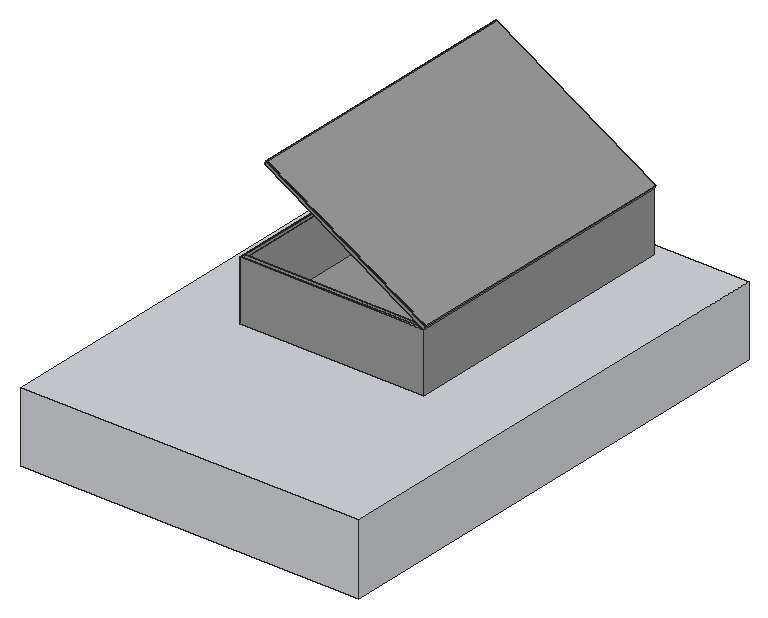
Revit family "Hager-Univers-IP55-D275-H1250-Cl.I-Steel_encl-CH-fr", category Equipement électrique, Revit 2020
Family settings
  Hôte = Face
  Configuration du panneau = Deux colonnes, circuits au sein
  Cote de connecteur circulaire = Utiliser le diamètre
  Type d'élément = Tableau de raccordement
  Couper avec des vides une fois chargée = Non
  Partagée = Non
  Point de calcul de pièce = Non
Parameters (values of type "saillie IP55 L800 H1250 P275  - FR83E")
  Width Control [instance] = if([EF000008 - largeur] > Min Width, [EF000008 - largeur], Min Width)  # 800 mm
  Commentaires du type = [HG000003 - Gamme]  # "Univers"
  Thickness Door [instance] = if([EF009171 - épaisseur de matériau de la porte/du couvercle] > 3 mm, 3 mm, [EF009171 - épaisseur de matériau de la porte/du couvercle])  # 1.5 mm
  Seal Frame Offset [instance] = 17 mm  # constant formula
  Plinth Visibility [instance] = [HG000027 - Hauteur du socle] > 0 mm  # no
  Model = ""
  Min Width [instance] = 100 mm  # constant formula
  Min Height [instance] = 100 mm  # constant formula
  Min Depth [instance] = (2 * [EF009170 - épaisseur de matériau du boîtier]) + 1 mm  # 4 mm
  Internal Frame Depth [instance] = (Door System Depth * 0.5)  # 9 mm
  Height Control [instance] = if([EF000040 - hauteur] > Min Height, [EF000040 - hauteur], Min Height)  # 1250 mm
  HG000027 - Hauteur du socle = 0 mm
  HG000026 - Installation au sol = no
  HG000024 - Hauteur de la section basse = 800 mm
  HG000023 - Armoire double section = no
  HG000016 - Visibilité de la porte 3D [instance] = yes
  HG000015 - Visibilité de l'emprise de la porte [instance] = no
  HG000014 - Porte à droite [instance] = yes
  HG000013 - Porte à gauche [instance] = not([HG000014 - Porte à droite])  # no
  HG000012 - Angle de pivotement de la porte [instance] = 30.00°
  HG000010 - Portes asymétriques = no
  HG000009 - Porte à double battant = no
  HG000006 - Encastré = no
  HG000004 - Référence fabricant = "FR83E"
  HG000003 - Gamme = "Univers"
  HG000002 - avec porte = yes
  Frame Offset Bottom [instance] = 10 mm  # constant formula
  Frame Offset [instance] = 15 mm  # constant formula
  EF015940 - couvercle avec décharge de pression = no
  EF011959 - degré de protection (NEMA) = ""
  EF009554 - nombre d'ouvertures pour plaques à bride = 6
  Fabricant = "Hager"  # constant formula
  EF009212 - finition du couvercle = "EV000116 - fermé"
  EF009171 - épaisseur de matériau de la porte/du couvercle = 1.5 mm
  EF009170 - épaisseur de matériau du boîtier = 1.5 mm
  EF008873 - courant nominal (In) = 800 A
  EF007800 - adapté à un parafoudre = no
  EF006306 - avec serrure = no
  EF006244 - couvercle/porte transparent(e) = no
  EF005474 - indice de protection (IP) = "EV006420 - IP55"
  EF004464 - type de porte = "EV002646 - unique"
  EF004427 - nombre de modules = 288
  EF004293 - indice de protection contre les chocs (IK) = "EV008784 - IK10"
  EF003532 - convient pour utilisation à l’extérieur = no
  EF002950 - largeur en nombre de modules = 24
  EF001613 - maintien de fonction = "EV000494 - sans"
  EF001596 - matériau du boîtier/corps = "EV000179 - acier"
  EF001131 - profondeur intérieure = 275 mm
  EF001088 - possibilité de montage en saillie = yes
  EF000437 - nombre d'entrées de conduit = 6
  EF000339 - type de capot = "EV004216 - porte"
  EF000266 - nombre de rangées = 8
  EF000218 - profondeur d'encastrement = 0 mm
  EF000118 - avec cadre/support de montage = no
  EF000116 - numéro RAL = "7035"
  EF000049 - profondeur = 275 mm
  EF000040 - hauteur = 1250 mm
  EF000008 - largeur = 800 mm
  EF000007 - couleur = "EV000270 - gris"
  EF000003 - mode de pose = "EV000384 - saillie"
  Door System Leaf Tolerance [instance] = 1.5 mm  # constant formula
  Door System Depth [instance] = 18 mm  # constant formula
  Door Height [instance] = Height Control - [HG000027 - Hauteur du socle]  # 1250 mm
  Depth Control [instance] = if([EF000049 - profondeur] > Min Depth, [EF000049 - profondeur], Min Depth)  # 275 mm
  Default Elevation = 0 mm
  Connector Offset [instance] = Height Control / 2  # 625 mm
  Bottom Top Plate Trim [instance] = 1.5 mm  # constant formula
  Plinth height Ctrl [instance] = if([HG000027 - Hauteur du socle] > 0 mm, [HG000027 - Hauteur du socle], 12 mm)  # 12 mm
Types (5, lengths in mm): name | Width Control | HG000010 - Portes asymétriques | HG000009 - Porte à double battant | HG000004 - Référence fabricant | EF009554 - nombre d'ouvertures pour plaques à bride | EF004464 - type de porte | EF004427 - nombre de modules | EF000437 - nombre d'entrées de conduit | EF000008 - largeur
  saillie IP55 L1050 H1250 P275  - FR84E | 1050 | no | yes | "FR84E" | 8 | "EV003602 - double" | 384 | 8 | 1050
  saillie IP55 L1300 H1250 P275  - FR85E | 1300 | yes | yes | "FR85E" | 10 | "EV003602 - double" | 480 | 10 | 1300
  saillie IP55 L300 H1250 P275  - FR81E | 300 | no | no | "FR81E" | 2 | "EV002646 - unique" | 96 | 2 | 300
  saillie IP55 L550 H1250 P275  - FR82E | 550 | no | no | "FR82E" | 4 | "EV002646 - unique" | 192 | 4 | 550
  saillie IP55 L800 H1250 P275  - FR83E | 800 | no | no | "FR83E" | 6 | "EV002646 - unique" | 288 | 6 | 800
Reference planes
  plane 1 "Center (Front/Back)": y = 0
  plane 2: z = 0
  plane 3 "Center (Left/Right)": x = 0
  plane 4: z = 275
  plane 5: y = 1.5
  plane 6: y = 625
  plane 7: y = 0
  plane 8: y = 1250
  plane 9: z = 0
  plane 10: x = -385
  plane 11: x = 385
  plane 12: x = 383.5
  plane 13: x = -383.5
  plane 14: y = 1248.5
  plane 15: x = -383
  plane 16: x = -400
  plane 17: x = 383
  plane 18: x = 400
  plane 19: x = 398.5
  plane 20: x = -398.5
  plane 21: y = 11.5
  plane 22: y = 1250
  plane 23: y = 1233.5
  plane 24: z = 257
  plane 25: z = 1.5
  plane 26: z = 255.5
  plane 27: z = 273.5
Forms (mm)
  Extrusion 1, solid
    sketch origin (0, 0, 0) x (1, 0, 0) y (0, 1, 0)
      loop
        line (-702.964, 1305) -> (-702.964, -811.445) -> (766.763, -811.445) -> (766.763, 1305) -> (-702.964, 1305)
    from 0 to -304.8
  Extrusion 2, solid, material "Hager_Steel_RAL7035_Light_Grey", visible <- "Plinth Visibility", detail levels medium+fine
    sketch origin (0, 0, 0) x (1, 0, 0) y (0, 1, 0)
      loop
        line (-400, 0) -> (400, 0) -> (400, 12) -> (-400, 12) -> (-400, 0)
    from 0 to 257
  Extrusion 3, solid, material "Hager_Steel_RAL7035_Light_Grey", detail levels medium+fine
    sketch origin (0, 0, 0) x (1, 0, 0) y (0, 1, 0)
      loop
        line (-400, 0) -> (400, 0) -> (400, 1250) -> (-400, 1250) -> (-400, 0)
    from 0 to 257
  Extrusion 4, void
    sketch origin (0, 0, 0) x (1, 0, 0) y (0, 1, 0)
      loop
        line (-398.5, 1.5) -> (398.5, 1.5) -> (398.5, 1248.5) -> (-398.5, 1248.5) -> (-398.5, 1.5)
    from 1.5 to 255.5
  Extrusion 5, void
    sketch origin (-381.607, -4572, 257) x (0, -1, 0) y (-1, 0, 0)
      loop
        line (-4583.5, 1.893) -> (-5805.5, 1.893) -> (-5805.5, -765.107) -> (-4583.5, -765.107) -> (-4583.5, 1.893)
    from 0 to 1.5 <- "EF009170 - épaisseur de matériau du boîtier"
  Extrusion 6, solid, material "Hager_Steel_RAL7035_Light_Grey", detail levels fine
    sketch origin (0, 0, 257) x (1, 0, 0) y (0, 1, 0)
      loop
        line (-383.5, 1233.5) -> (-383.5, 11.5) -> (383.5, 11.5) -> (383.5, 1233.5) -> (-383.5, 1233.5)
      loop
        line (-385, 10) -> (385, 10) -> (385, 1235) -> (-385, 1235) -> (-385, 10)
    from 0 to 9 <- "Internal Frame Depth"
  Extrusion 7, solid, material "Hager_Steel_RAL7035_Light_Grey", detail levels coarse
    sketch origin (0, 0, 0) x (1, 0, 0) y (0, 1, 0)
      loop
        line (-400, 0) -> (400, 0) -> (400, 1250) -> (-400, 1250) -> (-400, 0)
    from 0 to 275
  Sweep 8, void
    path in 3D
      loop
        line (-400, 12, 0) -> (400, 12, 0) -> (400, 12, 257) -> (-400, 12, 257) -> (-400, 12, 0)
    profile origin (-400, 12, 128.5) x (-1, 0, 0) y (0, -1, 0)
      loop
        line (0, 0) -> (0, 1.5) -> (-1.5, 1.5)
        arc (-1.5, 1.5) -> (-1.061, 0.439) -> (0, 0) r 1.5
Cuts and joins
  Extrusion 4, Extrusion 5 cuts Extrusion 3
  Sweep 8 cuts Extrusion 2
Lines and regions (mm)
  Masking region 1
    outline origin (0, 0, 0) x (1, 0, 0) y (0, 0, 1)
      loop
        line (-400, 275) -> (-400, 0) -> (400, 0) -> (400, 275) -> (-400, 275)
  Masking region 2, detail levels medium+fine
    outline origin (0, 140, 0) x (0, 1, 0) y (0, 0, 1)
      loop
        line (-140, 0) -> (1110, 0) -> (1110, 257) -> (-140, 257) -> (-140, 0)
  Masking region 3, not visible, detail levels medium+fine
    outline origin (0, 297.922, 0) x (0, 1, 0) y (0, 0, 1)
      loop
        line (338.578, 0) -> (378.578, 0) -> (378.578, 263.5)
        arc (378.578, 263.5) -> (375.649, 270.571) -> (368.578, 273.5) r 10
        line (368.578, 273.5) -> (338.578, 273.5) -> (338.578, 0)
  Masking region 4, detail levels coarse
    outline origin (0, 0, 180) x (0, 1, 0) y (0, 0, 1)
      loop
        line (0, -180) -> (1250, -180) -> (1250, 95) -> (0, 95) -> (0, -180)
  Masking region 5, visible <- "Plinth Visibility", detail levels medium+fine
    outline origin (0, 52.24, 12.345) x (0, 0, -1) y (0, 1, 0)
      loop
        line (10.845, -40.24) -> (-243.155, -40.24)
        arc (-243.155, -40.24) -> (-243.594, -41.301) -> (-244.655, -41.74) r 1.5
        line (-244.655, -41.74) -> (-244.655, -52.24) -> (12.345, -52.24) -> (12.345, -41.74)
        arc (12.345, -41.74) -> (11.285, -41.301) -> (10.845, -40.24) r 1.5
  Masking region 6, detail levels medium+fine
    outline origin (-381.607, -4572, 257) x (-1, 0, 0) y (0, -1, 0)
      loop
        line (18.393, -5822) -> (18.393, -4572) -> (-781.607, -4572) -> (-781.607, -5822) -> (18.393, -5822)
  Masking region 7, visible <- "Plinth Visibility", detail levels medium+fine
    outline origin (-381.607, -4727, 257) x (-1, 0, 0) y (0, -1, 0)
      loop
        arc (16.893, -4739) -> (17.332, -4737.939) -> (18.393, -4737.5) r 1.5
        line (18.393, -4737.5) -> (18.393, -4727) -> (-781.607, -4727) -> (-781.607, -4737.5)
        arc (-781.607, -4737.5) -> (-780.546, -4737.939) -> (-780.107, -4739) r 1.5
        line (-780.107, -4739) -> (16.893, -4739)
  Masking region 8, detail levels coarse
    outline origin (-442.548, -4669.526, 257) x (-1, 0, 0) y (0, -1, 0)
      loop
        line (-42.548, -5919.526) -> (-42.548, -4669.526) -> (-842.548, -4669.526) -> (-842.548, -5919.526) -> (-42.548, -5919.526)
  sketch lines
    curve 1: line (-400, 12, 257) -> (-400, 12, 0)
    curve 2: line (400, 12, 257) -> (-400, 12, 257)
    curve 3: line (400, 12, 257) -> (400, 12, 0)
    curve 4: line (-400, 12, 0) -> (400, 12, 0)
Dimensions and locks
  "Depth Control": plane 4 to Extrusion 1
  "HG000027 - Hauteur du socle": plane 1 "Center (Front/Back)" to plane 7
  "EF009170 - épaisseur de matériau du boîtier": plane 5 to plane 7
  locked: connector elem to plane 3 "Center (Left/Right)"
  equal spacing: plane 8, plane 6, plane 7
  locked: connector elem to plane 6
  "EF009170 - épaisseur de matériau du boîtier": plane 8 to plane 14
  "EF009170 - épaisseur de matériau du boîtier": plane 10 to plane 13
  "EF009170 - épaisseur de matériau du boîtier": plane 12 to plane 11
  "Frame Offset": plane 20 to plane 13
  "Frame Offset": plane 12 to plane 19
  "EF009170 - épaisseur de matériau du boîtier": plane 16 to plane 20
  "EF009170 - épaisseur de matériau du boîtier": plane 19 to plane 18
  "Seal Frame Offset": plane 16 to plane 15
  "Seal Frame Offset": plane 17 to plane 18
  "Frame Offset Bottom": plane 21 to plane 5
  "Frame Offset": plane 14 to plane 23
  equal spacing: plane 16, plane 3 "Center (Left/Right)", plane 18
  "Width Control": plane 16 to plane 18
  "EF009170 - épaisseur de matériau du boîtier": plane 4 to plane 27
  "EF009170 - épaisseur de matériau du boîtier": plane 24 to plane 26
  "EF009170 - épaisseur de matériau du boîtier": plane 25 to level
  "Door System Depth": plane 4 to plane 24
  "Height Control": plane 1 "Center (Front/Back)" to Extrusion 7 sketch curve
  "Height Control": Masking region 4 sketch curve to plane 1 "Center (Front/Back)"
  "Height Control": plane 1 "Center (Front/Back)" to plane 22
  "Bottom Top Plate Trim": profile plane to Sweep 8 sketch curve
  "Bottom Top Plate Trim": Sweep 8 sketch curve to profile plane
  "Plinth height Ctrl": plane 1 "Center (Front/Back)" to Extrusion 2 sketch curve
  "Plinth height Ctrl": Masking region 5 sketch curve to plane 1 "Center (Front/Back)"
  "Plinth height Ctrl": plane 1 "Center (Front/Back)" to Masking region 7 sketch curve
  "Thickness Door": Extrusion 6 sketch curve to Extrusion 6 sketch curve  (x3)
  "Thickness Door": cut or joined group of Extrusion 3, Extrusion 4, Extrusion 5 to Extrusion 6 sketch curve
  radius of Masking region 3 sketch curve = 10 mm
  "Bottom Top Plate Trim": radius of Masking region 5 sketch curve  (x2)
  "Bottom Top Plate Trim": radius of Sweep 8 sketch curve
  "Bottom Top Plate Trim": radius of Masking region 7 sketch curve  (x2)
  aligned and locked: plane 2 to Extrusion 1
  aligned and locked: level to Extrusion 1
  aligned and locked: level to Masking region 1 sketch curve
  aligned and locked: Masking region 1 sketch curve to plane 18
  aligned and locked: Masking region 1 sketch curve to plane 16
  aligned and locked: plane 7 to Masking region 2 sketch curve
  aligned and locked: level to Masking region 3 sketch curve
  aligned and locked: Masking region 3 sketch curve to plane 27
  aligned and locked: level to Masking region 2 sketch curve
  aligned and locked: plane 1 "Center (Front/Back)" to Extrusion 2 sketch curve
  aligned and locked: Extrusion 3 sketch curve to plane 7
  aligned and locked: plane 16 to Extrusion 3 sketch curve
  aligned and locked: plane 18 to Extrusion 3 sketch curve
  aligned and locked: plane 20 to Extrusion 4 sketch curve
  aligned and locked: plane 19 to Extrusion 4 sketch curve
  aligned and locked: Extrusion 4 sketch curve to plane 5
  aligned and locked: Extrusion 4 to plane 25
  aligned and locked: plane 26 to Extrusion 4
  aligned and locked: plane 24 to Extrusion 3
  aligned and locked: Extrusion 5 sketch curve to plane 21
  aligned and locked: Extrusion 5 sketch curve to plane 13
  aligned and locked: Extrusion 5 sketch curve to plane 12
  aligned and locked: plane 18 to Extrusion 7 sketch curve
  aligned and locked: plane 1 "Center (Front/Back)" to Extrusion 7 sketch curve
  aligned and locked: plane 16 to Extrusion 7 sketch curve
  aligned and locked: plane 4 to Extrusion 7
  aligned and locked: Extrusion 7 to level
  aligned and locked: level to Masking region 4 sketch curve
  aligned and locked: Masking region 4 sketch curve to plane 1 "Center (Front/Back)"
  aligned and locked: Masking region 4 sketch curve to plane 4
  aligned and locked: nested 1 to level
  aligned and locked: nested 1 to plane 16
  aligned and locked: plane 8 to Extrusion 3 sketch curve
  aligned and locked: plane 23 to Extrusion 5 sketch curve
  aligned and locked: plane 14 to Extrusion 4 sketch curve
  aligned and locked: Masking region 2 sketch curve to plane 8
  aligned and locked: level to Masking region 5 sketch curve
  aligned and locked: plane 16 to Extrusion 2 sketch curve
  aligned and locked: plane 18 to Extrusion 2 sketch curve
  aligned and locked: Masking region 5 sketch curve to plane 24
  aligned and locked: Masking region 2 sketch curve to plane 24
  aligned and locked: plane 24 to Extrusion 2
  aligned and locked: profile plane to Sweep 8 sketch curve  (x2)
  aligned and locked: Masking region 6 sketch curve to plane 18
  aligned and locked: Masking region 6 sketch curve to plane 22
  aligned and locked: Masking region 6 sketch curve to plane 16
  aligned and locked: plane 8 to plane 22
  aligned and locked: Masking region 6 sketch curve to plane 7
  aligned and locked: Masking region 7 sketch curve to plane 16
  aligned and locked: Masking region 7 sketch curve to plane 1 "Center (Front/Back)"
  aligned and locked: Masking region 7 sketch curve to plane 18
  aligned and locked: Masking region 8 sketch curve to plane 1 "Center (Front/Back)"
  aligned and locked: Masking region 8 sketch curve to plane 18
  aligned and locked: Masking region 8 sketch curve to plane 22
  aligned and locked: Masking region 8 sketch curve to plane 16
  aligned and locked: nested 2 to plane 7
  aligned and locked: plane 3 "Center (Left/Right)" to nested 2
  aligned and locked: nested 2 to plane 24
  aligned and locked: Extrusion 6 sketch curve to cut or joined group of Extrusion 3, Extrusion 4, Extrusion 5  (x4)
Automatic sketch dimensions
  Extrusion 1 sketch curve to Extrusion 1 sketch curve = 1469.727 mm
  Extrusion 1 sketch curve to Extrusion 1 sketch curve = 2116.445 mm
  Masking region 1 sketch curve to plane 4 = 0 mm
  plane 6 to Masking region 3 sketch curve = 11.5 mm
  Masking region 3 sketch curve to Masking region 3 sketch curve = 30 mm
  Masking region 5 sketch curve to plane 1 "Center (Front/Back)" = 0 mm
Nested families
  nested 1: "Hager_Enclosure_Symbol" at (-400, 0, 0) x (1, 0, 0) z (0, -1, 0), Height <- "Depth Control", Width <- "Width Control", type "Hager_Enclosure_Symbol"
    with Width_Ctrl 800 mm, Width 800 mm, Height_Ctrl 275 mm, Height 275 mm, A_Width_Int 18.047 mm, A_Width 216.562 mm, A_Height_Ctrl 240.625 mm, A_Height 240.625 mm
  nested 2: "EC000058_Univers_Door" at (0, 0, 257) x (1, 0, 0) z (0, 1, 0), Leaf_Tolerance <- "Door System Leaf Tolerance", Angle <- "HG000012 - Angle de pivotement de la porte", Door_Depth <- "Door System Depth", Door_Left <- "HG000013 - Porte à gauche", Transparent <- "EF006244 - couvercle/porte transparent(e)", Assymetrical <- "HG000010 - Portes asymétriques", Width <- "Width Control", Clearance <- "HG000015 - Visibilité de l'emprise de la porte", Double <- "HG000009 - Porte à double battant", 3d_Door <- "HG000016 - Visibilité de la porte 3D", Lock_Visibility <- "EF006306 - avec serrure", Width_Ctrl <- "Width Control", Door_Right <- "HG000014 - Porte à droite", Door <- "HG000002 - avec porte", Height <- "Door Height", Thickness <- "Thickness Door", type "EC000058_Univers_Door", detail levels medium+fine
    with min_wh 4 mm, Width_Ctrl 800 mm, Width 800 mm, Transparent no, Thickness 1.5 mm, Seal_Material Hager_Rubber, Lock_Visibility no, Lock_Material Hager_Plastic_RAL9005_Jet_Black, Leaf_Width 800 mm, Leaf_Tolerance_External_Sides 0 mm, Leaf_Tolerance 1.5 mm, Leaf_Offset 0 mm, Leaf_Height 1247 mm, Leaf_2_Width 800 mm, Leaf_2_Offset 400 mm, Leaf_1_Width 800 mm, Leaf_1_Offset 400 mm, Height_Ctrl 1250 mm, Height 1250 mm, Glass_Material Hager_Glass, Double_Clearance_Ctrl no, Double no, Door_Right_Ctrl yes, Door_Right yes, Door_Material Hager_Steel_RAL7035_Light_Grey, Door_Left_Ctrl no, Door_Left no, Door_Depth 18 mm, Door yes, Clearance_Material Hager_Clearance, Clearance_Depth 800 mm, Clearance_Ctrl no, Clearance no, Assymetrical no, Angle 30.00°, 3d_Door yes
Connectors
  electrical at (0, 625, 0)
    settings: on plane 9, index 1, voltage 0 V, apparent load 0 VA, apparent load phase1 0 VA, apparent load phase2 0 VA, apparent load phase3 0 VA, power factor 1, load classification "Other", number of poles 1, system type 30, power factor state 1, is connector primary yes, connector utility no, sub classification motor no, connector description ""
Definition of nested family "EC000058_Univers_Door"
  Parameters (values of type "EC000058_Univers_Door")
    min_wh [instance] = (2 * Thickness) + 1 mm  # 11 mm
    Width_Ctrl [instance] = 400 mm
    Width [instance] = 500 mm
    Transparent [instance] = yes
    Thickness [instance] = 5 mm
    Seal_Material [instance] = none
    Lock_Visibility [instance] = yes
    Lock_Material [instance] = none
    Leaf_Width [instance] = if((Width_Ctrl - 2 * Leaf_Tolerance_External_Sides) > 0 mm, (Width_Ctrl - 2 * Leaf_Tolerance_External_Sides), min_wh)  # 400 mm
    Leaf_Tolerance_External_Sides [instance] = 0 mm  # constant formula
    Leaf_Tolerance [instance] = 1.5 mm
    Leaf_Offset [instance] = 0 mm  # constant formula
    Leaf_Height [instance] = if((Height_Ctrl - 2 * Leaf_Tolerance) > 0 mm, (Height_Ctrl - 2 * Leaf_Tolerance), min_wh)  # 497 mm
    Leaf_2_Width [instance] = if(and(and(Double, Assymetrical), Door_Left), (Leaf_Width / 3) - (Leaf_Tolerance / 2), if(and(and(Double, Assymetrical), Door_Right), (Leaf_Width / 3) * 2 - (Leaf_Tolerance / 2), if(and(Double, not(Assymetrical)), (Leaf_Width / 2) - Leaf_Tolerance, Leaf_Width)))  # 400 mm
    Leaf_2_Offset [instance] = if(and(Double, Assymetrical), Leaf_2_Width / 2, if(and(Double, not(Assymetrical)), Leaf_Width / 4, Leaf_Width / 2))  # 200 mm
    Leaf_1_Width [instance] = if(and(and(Double, Assymetrical), Door_Right), (Leaf_Width / 3) - (Leaf_Tolerance / 2), if(and(and(Double, Assymetrical), Door_Left), (Width / 3) * 2 - (Leaf_Tolerance / 2), if(and(Double, not(Assymetrical)), (Leaf_Width / 2) - Leaf_Tolerance, Leaf_Width)))  # 400 mm
    Leaf_1_Offset [instance] = if(and(Double, Assymetrical), Leaf_1_Width / 2, if(and(Double, not(Assymetrical)), Leaf_Width / 4, Leaf_Width / 2))  # 200 mm
    Height_Ctrl [instance] = if(Height > min_wh, Height, min_wh)  # 500 mm
    Height [instance] = 500 mm
    Glass_Material [instance] = none
    Double_Clearance_Ctrl [instance] = and(Double, Clearance)  # no
    Double [instance] = no
    Door_Right_Ctrl [instance] = and(or(Door_Right, Double), Door)  # yes
    Door_Right [instance] = yes
    Door_Material [instance] = none
    Door_Left_Ctrl [instance] = and(or(Door_Left, Double), Door)  # no
    Door_Left [instance] = no
    Door_Depth [instance] = 30 mm
    Door [instance] = yes
    Default Elevation = 1219.2 mm
    Clearance_Material [instance] = none
    Clearance_Depth [instance] = if(Leaf_1_Width > Leaf_2_Width, Leaf_1_Width, Leaf_2_Width)  # 400 mm
    Clearance_Ctrl [instance] = and(not(Double), Clearance)  # yes
    Clearance [instance] = yes
    Assymetrical [instance] = yes
    Angle [instance] = 30.00°
    3d_Door [instance] = yes
  Reference planes
    plane 1 "Center (Front/Back)": y = 0
    plane 2 "Bottom": z = 0
    plane 3 "Center (Left/Right)": x = 0
    plane 4: z = 500
    plane 5: x = -200
    plane 6: x = 200
    plane 7: z = 500
    plane 8: x = -200
    plane 9: z = 0
    plane 10: x = 200
    plane 11: y = 0
    plane 12: z = 1.5
    plane 13: x = -600
    plane 14: y = -400
    plane 15: x = 600
    plane 16: x = 0
    plane 17: x = 0
    plane 18: x = -200
    plane 19: x = 200
    plane 20: z = 498.5
  Forms (mm)
    Extrusion 1, solid, material <- "Clearance_Material", visible <- "Double_Clearance_Ctrl"
      sketch origin (1200, 0, 0) x (1, 0, 0) y (0, 0, -1)
        loop
          line (-1800, -498.5) -> (-600, -498.5) -> (-600, 0) -> (-1800, 0) -> (-1800, -498.5)
      from 0 to -400
  Dimensions and locks
    equal spacing: plane 5, plane 3 "Center (Left/Right)", plane 6
    "Width_Ctrl": plane 5 to plane 6
    "Leaf_Offset": plane 5 to plane 8
    "Leaf_Offset": plane 6 to plane 10
    "Leaf_Offset": plane 9 to level
    "Leaf_Offset": plane 4 to plane 7
    "Height_Ctrl": plane 4 to level
    "Leaf_Tolerance": plane 12 to plane 9
    locked: plane 11 to plane 1 "Center (Front/Back)"
    "Leaf_1_Offset": plane 18 to plane 16
    "Leaf_2_Offset": plane 17 to plane 19
    "Leaf_1_Width": plane 13 to plane 8
    "Leaf_2_Width": plane 10 to plane 15
    "Clearance_Depth": plane 14 to plane 1 "Center (Front/Back)"
    "Leaf_Tolerance_External_Sides": plane 8 to plane 18
    "Leaf_Tolerance_External_Sides": plane 19 to plane 10
    "Leaf_Tolerance": plane 7 to plane 20
    aligned and locked: level to plane 2 "Bottom"
    aligned and locked: nested 1 to plane 16
    aligned and locked: nested 2 to plane 17
    aligned and locked: Extrusion 1 to plane 13
    aligned and locked: plane 15 to Extrusion 1
    aligned and locked: Extrusion 1 to plane 14
    aligned and locked: plane 12 to nested 1
    aligned and locked: nested 2 to plane 12
    aligned and locked: Extrusion 1 to plane 11
    aligned and locked: plane 20 to Extrusion 1
    aligned and locked: nested 2 to plane 11
    aligned and locked: nested 1 to plane 11
  Automatic sketch dimensions
    Extrusion 1 sketch curve to level = 0 mm
    plane 5 to Extrusion 1 sketch curve = 400 mm
    plane 6 to Extrusion 1 sketch curve = 400 mm
    Extrusion 1 sketch curve to plane 4 = 1.5 mm
  Nested families
    nested 1: "EC000058_Univers_Door_Leaf" at (0, 0, 1.5), Width <- "Leaf_1_Width", visible <- "Door_Left_Ctrl", Leaf_Height <- "Leaf_Height", Angle <- "Angle", 3d_Door <- "3d_Door", Transparent <- "Transparent", Clearance Material <- "Clearance_Material", Clearance <- "Clearance_Ctrl", Door_Material <- "Door_Material", Glass_Material <- "Glass_Material", Door_Depth <- "Door_Depth", Lock_Material <- "Lock_Material", Seal_Material <- "Seal_Material", Lock_Visibility <- "Lock_Visibility", Thickness <- "Thickness", type "EC000058_Univers_Door_Leaf"
      with Width 400 mm, Transparent_Glass_Offset 30 mm, Transparent_Ctrl yes, Transparent yes, Thickness 5 mm, Standard no, Seal_Material none, Seal_D2 8 mm, Seal_D1 1 mm, Offset_Internal_Frame 10 mm, Lock_Width 20 mm, Lock_Visibility_3d yes, Lock_Visibility yes, Lock_Thickness_3 3 mm, Lock_Thickness_2 1 mm, Lock_Thickness_1 3 mm, Lock_Radius_Offset_2 16 mm, Lock_Radius_Offset_1 15 mm, Lock_Radius_2 5 mm, Lock_Radius 6 mm, Lock_Offset 5 mm, Lock_Material none, Lock_Height 80 mm, Lock_Cover_Top_Offset_2d 17 mm, Lock_Cover_Height -65 mm, Leaf_Height 497 mm, Internal_Seal_Thickness 8 mm, Internal_Seal_Depth_2 4.5 mm, Internal_Frame_Depth 25 mm, Glass_Thickness -1 mm, Glass_Offset -2 mm, Glass_Material none, Door_Material none, Door_Depth 30 mm, Clearance Material none, Clearance yes, Angle_Ctrl 30.00°, Angle 30.00°, 3d_Door yes
    nested 2: "EC000058_Univers_Door_Leaf" at (0, 0, 1.5) x (-1, 0, 0) z (0, 0, 1), Width <- "Leaf_2_Width", visible <- "Door_Right_Ctrl", Leaf_Height <- "Leaf_Height", Angle <- "Angle", 3d_Door <- "3d_Door", Transparent <- "Transparent", Clearance Material <- "Clearance_Material", Clearance <- "Clearance_Ctrl", Door_Material <- "Door_Material", Glass_Material <- "Glass_Material", Door_Depth <- "Door_Depth", Lock_Material <- "Lock_Material", Seal_Material <- "Seal_Material", Lock_Visibility <- "Lock_Visibility", Thickness <- "Thickness", type "EC000058_Univers_Door_Leaf"
      with Width 400 mm, Transparent_Glass_Offset 30 mm, Transparent_Ctrl yes, Transparent yes, Thickness 5 mm, Standard no, Seal_Material none, Seal_D2 8 mm, Seal_D1 1 mm, Offset_Internal_Frame 10 mm, Lock_Width 20 mm, Lock_Visibility_3d yes, Lock_Visibility yes, Lock_Thickness_3 3 mm, Lock_Thickness_2 1 mm, Lock_Thickness_1 3 mm, Lock_Radius_Offset_2 16 mm, Lock_Radius_Offset_1 15 mm, Lock_Radius_2 5 mm, Lock_Radius 6 mm, Lock_Offset 5 mm, Lock_Material none, Lock_Height 80 mm, Lock_Cover_Top_Offset_2d 17 mm, Lock_Cover_Height -65 mm, Leaf_Height 497 mm, Internal_Seal_Thickness 8 mm, Internal_Seal_Depth_2 4.5 mm, Internal_Frame_Depth 25 mm, Glass_Thickness -1 mm, Glass_Offset -2 mm, Glass_Material none, Door_Material none, Door_Depth 30 mm, Clearance Material none, Clearance yes, Angle_Ctrl 30.00°, Angle 30.00°, 3d_Door yes
  Definition of nested family "EC000058_Univers_Door_Leaf"
    Parameters (values of type "EC000058_Univers_Door_Leaf")
      Width [instance] = 2000 mm
      Transparent_Glass_Offset [instance] = 30 mm
      Transparent_Ctrl [instance] = and(Transparent, [3d_Door])  # yes
      Transparent [instance] = yes
      Thickness [instance] = 5 mm
      Standard [instance] = and(not(Transparent), [3d_Door])  # no
      Seal_Material [instance] = none
      Seal_D2 [instance] = 8 mm  # constant formula
      Seal_D1 [instance] = 1 mm  # constant formula
      Offset_Internal_Frame [instance] = 10 mm  # constant formula
      Lock_Width [instance] = 20 mm  # constant formula
      Lock_Visibility_3d [instance] = and(Lock_Visibility, [3d_Door])  # yes
      Lock_Visibility [instance] = yes
      Lock_Thickness_3 [instance] = 3 mm  # constant formula
      Lock_Thickness_2 [instance] = 1 mm  # constant formula
      Lock_Thickness_1 [instance] = 3 mm  # constant formula
      Lock_Radius_Offset_2 [instance] = Lock_Radius_Offset_1 + 1 mm  # 16 mm
      Lock_Radius_Offset_1 [instance] = 15 mm  # constant formula
      Lock_Radius_2 [instance] = Lock_Radius - 1 mm  # 5 mm
      Lock_Radius [instance] = 6 mm  # constant formula
      Lock_Offset [instance] = 5 mm  # constant formula
      Lock_Material [instance] = none
      Lock_Height [instance] = 80 mm  # constant formula
      Lock_Cover_Top_Offset_2d [instance] = Lock_Radius_Offset_2 + 1 mm  # 17 mm
      Lock_Cover_Height [instance] = -(Lock_Height - Lock_Radius_Offset_1)  # -65 mm
      Leaf_Height [instance] = 2720.336 mm
      Internal_Seal_Thickness [instance] = 8 mm  # constant formula
      Internal_Seal_Depth_2 [instance] = 4.5 mm  # constant formula
      Internal_Frame_Depth [instance] = if(Door_Depth - Thickness > 5 mm, Door_Depth - Thickness, 5 mm)  # 25 mm
      Glass_Thickness [instance] = if(Thickness > 15 mm, Glass_Offset + 10 mm, -1 mm)  # -1 mm
      Glass_Offset [instance] = if(Thickness > 15 mm, -(Thickness + 10 mm) / 2, -2 mm)  # -2 mm
      Glass_Material [instance] = none
      Door_Material [instance] = none
      Door_Depth [instance] = 30 mm
      Default Elevation = 0 mm
      Clearance Material [instance] = none
      Clearance [instance] = yes
      Angle_Ctrl [instance] = if(Angle > 180.00°, 180.00°, Angle)  # 90.00°
      Angle [instance] = 90.00°
      3d_Door [instance] = yes
    Reference planes
      plane 1 "Center (Front/Back)": y = 0
      plane 2: z = 0
      plane 3 "Center (Left/Right)": x = 0
      plane 4: y = 2000
      plane 5: x = -1000
      plane 6: x = 1000
      plane 7: x = -3000
      plane 8: z = 2720.336
      plane 9: z = 30
      plane 10: z = 2690.336
      plane 11: x = 970
      plane 12: x = -970
      plane 13: y = -3
      plane 14: z = 107.833
      plane 15: y = -5
      plane 16: y = -223.314
      plane 17: x = -1000
      plane 18: z = 1360.168
      plane 19: y = 30
    Forms (mm)
      Extrusion 1, solid, material <- "Clearance Material", visible <- "Clearance"
        sketch origin (0, 0, 0) x (1, 0, 0) y (0, 0, 1)
          loop
            line (-3000, 2720.336) -> (-3000, 0) -> (1000, 0) -> (1000, 2720.336) -> (-3000, 2720.336)
        from 0 to -2000
      Extrusion 2, solid, material <- "Door_Material", visible <- "Standard", detail levels medium+fine
        sketch origin (-1000, 0, 0) x (0, 1, 0) y (-1, 0, 0)
          loop
            line (0, 30) -> (0, 25) -> (2000, 25) -> (2000, 30) -> (0, 30)
        from 0 to 2720.336 <- "Leaf_Height"
      Extrusion 3, solid, material <- "Door_Material", visible <- "Transparent_Ctrl", detail levels medium+fine
        sketch origin (-1000, 0, 0) x (0, 1, 0) y (-1, 0, 0)
          loop
            line (0, 25) -> (2000, 25) -> (2000, 30) -> (0, 30) -> (0, 25)
        from 0 to 2720.336 <- "Leaf_Height"
      Extrusion 4, void
        sketch origin (-1025, 2000, 0) x (0, 1, 0) y (0, 0, -1)
          loop
            line (-30, -2690.336) -> (-30, -30) -> (-1970, -30) -> (-1970, -2690.336) -> (-30, -2690.336)
        from 0 to 5 <- "Thickness"
      Sweep 5, solid, material <- "Seal_Material", visible <- "Transparent_Ctrl", detail levels fine
        path in 3D
          loop
            line (-1025, 30, 30) -> (-1025, 30, 2690.336) -> (-1025, 1970, 2690.336) -> (-1025, 1970, 30) -> (-1025, 30, 30)
        profile origin (-1025, 1000, 30) x (1, 0, 0) y (0, 0, 1)
          loop
            line (0, 0) -> (0, -8) -> (1, -8) -> (1, 0) -> (0, 0)
      Extrusion 6, solid, material <- "Glass_Material", visible <- "Transparent_Ctrl", detail levels medium+fine
        sketch origin (-1030, 0, 0) x (0, 1, 0) y (0, 0, -1)
          loop
            line (1970, -2690.336) -> (1970, -30) -> (30, -30) -> (30, -2690.336) -> (1970, -2690.336)
        from -2 <- "Glass_Offset" to -1 <- "Glass_Thickness"
      Extrusion 7, solid, material <- "Door_Material", visible <- "3d_Door", detail levels medium+fine
        sketch origin (-1025, 2000, 0) x (0, -1, 0) y (0, 0, -1)
          loop
            line (0, -2720.336) -> (2000, -2720.336) -> (2000, 0) -> (0, 0) -> (0, -2720.336)
          loop
            line (1995, -5) -> (5, -5) -> (5, -2715.336) -> (1995, -2715.336) -> (1995, -5)
        from 0 to 25 <- "Internal_Frame_Depth"
      Sweep 8, solid, material <- "Seal_Material", visible <- "Transparent_Ctrl", detail levels fine
        path in 3D
          loop
            line (-1025, 0, 0) -> (-1025, 2000, 0) -> (-1025, 2000, 2720.336) -> (-1025, 0, 2720.336) -> (-1025, 0, 0)
        profile origin (-1025, 0, 1360.168) x (1, 0, 0) y (0, 1, 0)
          loop
            line (0, 10) -> (2.975, 10)
            arc (2.975, 10) -> (4.053, 10.447) -> (4.5, 11.525) r 1.525
            line (4.5, 11.525) -> (4.5, 16.527)
            arc (4.5, 16.527) -> (4.069, 17.569) -> (3.027, 18) r 1.473
            line (3.027, 18) -> (0, 18) -> (0, 10)
      Extrusion 9, solid, material <- "Lock_Material", visible <- "Lock_Visibility_3d", detail levels fine
        sketch origin (-1030, 0, 0) x (0, 1, 0) y (0, 0, -1)
          loop
            arc (1993.5, -1400.168) -> (1994.561, -1399.729) -> (1995, -1398.668) r 1.5
            line (1995, -1398.668) -> (1995, -1320.168) -> (1975, -1320.168) -> (1975, -1398.668)
            arc (1975, -1398.668) -> (1975.439, -1399.729) -> (1976.5, -1400.168) r 1.5
            line (1976.5, -1400.168) -> (1993.5, -1400.168)
        from 3 <- "Lock_Thickness_1" to 0
      Blend 10, solid, material <- "Lock_Material", visible <- "Lock_Visibility_3d", detail levels fine
        base sketch origin (-1033, 0, 0) x (0, 1, 0) y (0, 0, -1)
          loop
            line (1975, -1320.168) -> (1975, -1398.668)
            arc (1975, -1398.668) -> (1975.439, -1399.729) -> (1976.5, -1400.168) r 1.5
            line (1976.5, -1400.168) -> (1993.5, -1400.168)
            arc (1993.5, -1400.168) -> (1994.561, -1399.729) -> (1995, -1398.668) r 1.5
            line (1995, -1398.668) -> (1995, -1320.168) -> (1975, -1320.168)
        top sketch origin (-1033, 0, 0) x (0, 1, 0) y (0, 0, -1)
          loop
            line (1976, -1320.168) -> (1976, -1398.668)
            arc (1976, -1398.668) -> (1976.146, -1399.022) -> (1976.5, -1399.168) r 0.5
            line (1976.5, -1399.168) -> (1993.5, -1399.168)
            arc (1993.5, -1399.168) -> (1993.854, -1399.022) -> (1994, -1398.668) r 0.5
            line (1994, -1398.668) -> (1994, -1320.168) -> (1976, -1320.168)
        from 0 to 1 <- "Lock_Thickness_2"
      Blend 11, solid, material <- "Lock_Material", visible <- "Lock_Visibility_3d", detail levels fine
        base sketch origin (-1034, 0, 0) x (0, 1, 0) y (0, 0, -1)
          loop
            line (1978, -1320.168) -> (1978, -1384.168)
            arc (1978, -1384.168) -> (1985, -1391.168) -> (1992, -1384.168) r 7
            line (1992, -1384.168) -> (1992, -1320.168) -> (1978, -1320.168)
        top sketch origin (-1034, 0, 0) x (0, 1, 0) y (0, 0, -1)
          loop
            line (1991, -1320.168) -> (1979, -1320.168) -> (1979, -1383.168)
            arc (1979, -1383.168) -> (1985, -1389.168) -> (1991, -1383.168) r 6
            line (1991, -1383.168) -> (1991, -1320.168)
        from 0 to 3 <- "Lock_Thickness_3"
      Extrusion 12, solid, material <- "Lock_Material", visible <- "Lock_Visibility_3d", detail levels fine
        sketch origin (-1030, 1975, 1320.168) x (1, 0, 0) y (0, -1, 0)
          loop
            line (-7, -19) -> (-7, -1) -> (0, -1) -> (0, 0) -> (-8, 0) -> (-8, -20) -> (0, -20) -> (0, -19) -> (-7, -19)
        from 0 to -65 <- "Lock_Cover_Height"
      Extrusion 13, void
        sketch origin (-1038, 1995, 1320.168) x (-1, 0, 0) y (0, 0, -1)
          loop
            line (-5, -65) -> (0, -65) -> (-5, -60) -> (-5, -65)
        from 0 to 20 <- "Lock_Width"
      Extrusion 14, void
        sketch origin (-1038, 1975, 1320.168) x (0, -1, 0) y (0, 0, -1)
          loop
            circle (-10, -15.995) r 6
          loop
            circle (-10, -15.995) r 5
        from 0 to 2
      Extrusion 15, solid, material <- "Lock_Material", visible <- "Lock_Visibility_3d", detail levels medium
        sketch origin (-1030, 0, 0) x (0, 1, 0) y (0, 0, -1)
          loop
            arc (1993.5, -1400.168) -> (1994.561, -1399.729) -> (1995, -1398.668) r 1.5
            line (1995, -1398.668) -> (1995, -1320.168) -> (1975, -1320.168) -> (1975, -1398.668)
            arc (1975, -1398.668) -> (1975.439, -1399.729) -> (1976.5, -1400.168) r 1.5
            line (1976.5, -1400.168) -> (1993.5, -1400.168)
        from 8 to 0
    Cuts and joins
      Extrusion 4 cuts Extrusion 3
      Extrusion 13, Extrusion 14 cuts Extrusion 9
      Extrusion 14 cuts Blend 11
      Extrusion 13, Extrusion 14 cuts Extrusion 12
      joined: Extrusion 9, Blend 10, Blend 11, Extrusion 12
      Extrusion 14 cuts Extrusion 15
    Lines and regions (mm)
      Masking region 1, visible <- "Lock_Visibility", detail levels fine
        outline origin (0, 0, 0) x (0, 1, 0) y (0, 0, 1)
          loop
            line (30, 1320.168) -> (33, 1320.168) -> (33, 1400.168) -> (30, 1400.168) -> (30, 1320.168)
      Masking region 2, visible <- "Lock_Visibility", detail levels fine
        outline origin (0, 3.143, 0) x (0, 1, 0) y (0, 0, 1)
          loop
            line (29.857, 1354.168) -> (30.857, 1354.168) -> (30.857, 1366.168) -> (29.857, 1366.168) -> (29.857, 1354.168)
      Masking region 3, detail levels medium+fine
        outline origin (0, 0, 0) x (0, 1, 0) y (0, 0, 1)
          loop
            line (0, 0) -> (30, 0) -> (30, 2720.336) -> (0, 2720.336) -> (0, 0)
      Masking region 4, detail levels medium+fine
        outline origin (0, 0, 0) x (1, 0, 0) y (0, 0, 1)
          loop
            line (-1000, 2720.336) -> (-1000, 0) -> (1000, 0) -> (1000, 2720.336) -> (-1000, 2720.336)
      Masking region 5, visible <- "Lock_Visibility", detail levels fine
        outline origin (-47.116, 0, 0) x (1, 0, 0) y (0, 0, 1)
          loop
            arc (1024.616, 1399.168) -> (1023.556, 1398.729) -> (1023.116, 1397.668) r 1.5
            line (1023.116, 1397.668) -> (1023.116, 1320.168) -> (1041.116, 1320.168) -> (1041.116, 1397.668)
            arc (1041.116, 1397.668) -> (1040.677, 1398.729) -> (1039.616, 1399.168) r 1.5
            line (1039.616, 1399.168) -> (1024.616, 1399.168)
      Masking region 6, visible <- "Lock_Visibility", detail levels medium+fine
        outline origin (-25, 0, 0) x (1, 0, 0) y (0, 0, 1)
          loop
            arc (1001.5, 1400.168) -> (1000.439, 1399.729) -> (1000, 1398.668) r 1.5
            line (1000, 1398.668) -> (1000, 1320.168) -> (1020, 1320.168) -> (1020, 1398.668)
            arc (1020, 1398.668) -> (1019.561, 1399.729) -> (1018.5, 1400.168) r 1.5
            line (1018.5, 1400.168) -> (1001.5, 1400.168)
      Masking region 7, visible <- "Lock_Visibility", detail levels fine
        outline origin (-73.735, 0, 0) x (1, 0, 0) y (0, 0, 1)
          loop
            line (1051.735, 1382.168) -> (1065.735, 1382.168) -> (1065.735, 1384.168)
            arc (1065.735, 1384.168) -> (1058.735, 1391.168) -> (1051.735, 1384.168) r 7
            line (1051.735, 1384.168) -> (1051.735, 1382.168)
      Masking region 8, visible <- "Lock_Visibility", detail levels fine
        outline origin (-73.735, 0, 0) x (1, 0, 0) y (0, 0, 1)
          loop
            line (1052.735, 1382.168) -> (1064.735, 1382.168) -> (1064.735, 1383.168)
            arc (1064.735, 1383.168) -> (1058.735, 1389.168) -> (1052.735, 1383.168) r 6
            line (1052.735, 1383.168) -> (1052.735, 1382.168)
      Masking region 9, visible <- "Lock_Visibility", detail levels fine
        outline origin (-25, 0, 0) x (1, 0, 0) y (0, 0, 1)
          loop
            line (1020, 1320.168) -> (1020, 1382.168) -> (1000, 1382.168) -> (1000, 1320.168) -> (1020, 1320.168)
      Masking region 10, detail levels medium+fine
        outline origin (0, 0, 0) x (1, 0, 0) y (0, 0, 1)
          loop
            circle (985, 1335.144) r 6
      Masking region 11, detail levels fine
        outline origin (0, 0, 0) x (1, 0, 0) y (0, 0, 1)
          loop
            circle (985, 1335.144) r 5
      Masking region 12, visible <- "Lock_Visibility", detail levels fine
        outline origin (0, 12.767, 0) x (0, 1, 0) y (0, 0, 1)
          loop
            line (20.233, 1320.168) -> (21.233, 1320.168) -> (21.233, 1399.168) -> (20.233, 1400.168) -> (20.233, 1320.168)
      Masking region 13, visible <- "Lock_Visibility", detail levels fine
        outline origin (0, 13.767, -10) x (0, 1, 0) y (0, 0, 1)
          loop
            line (20.233, 1330.168) -> (23.233, 1330.168) -> (23.233, 1399.168) -> (20.233, 1402.168) -> (20.233, 1330.168)
      Masking region 14, visible <- "Lock_Visibility", detail levels fine
        outline origin (0, 12.767, -10) x (0, 1, 0) y (0, 0, 1)
          loop
            line (20.233, 1330.168) -> (25.233, 1330.168) -> (25.233, 1399.305) -> (20.233, 1394.305) -> (20.233, 1330.168)
      Masking region 15, visible <- "Lock_Visibility", detail levels medium
        outline origin (0, 0, 0) x (0, 1, 0) y (0, 0, 1)
          loop
            line (30, 1320.168) -> (38, 1320.168) -> (38, 1400.168) -> (30, 1400.168) -> (30, 1320.168)
      Masking region 16, visible <- "Lock_Visibility", detail levels fine
        outline origin (-1000, 0, 0) x (0, 1, 0) y (-1, 0, 0)
          loop
            line (1975, 30) -> (1995, 30) -> (1995, 38) -> (1975, 38) -> (1975, 30)
          loop
            line (1979, 37) -> (1976, 37) -> (1976, 34) -> (1978, 34) -> (1979, 37)
          loop
            line (1994, 37) -> (1991, 37) -> (1992, 34) -> (1994, 34) -> (1994, 37)
      Masking region 17, visible <- "Lock_Visibility", detail levels medium
        outline origin (-1000, 0, 0) x (0, 1, 0) y (-1, 0, 0)
          loop
            line (1975, 30) -> (1995, 30) -> (1995, 38) -> (1975, 38) -> (1975, 30)
      symbolic lines
        curve 1: line (1000, 0, 0) -> (-3000, 0, 0)
        curve 2: arc (1000, 0, 0) -> (-1000, 2000, 0) -> (-3000, 0, 0) r 2000
        curve 4: line (-1030, 0, 0) -> (-1030, 2000, 0)
      reference lines
        curve 3: line (-1000, 0, 0) -> (-1000, 2000, 0)
      symbolic lines, detail levels medium+fine
        curve 5: line (-1030, 2000, 0) -> (-1025, 2000, 0)
        curve 7: line (-1025, 0, 0) -> (-1030, 0, 0)
        curve 8: line (-1025, 0, 0) -> (-1000, 0, 0)
        curve 9: line (-1000, 0, 0) -> (-1000, 2000, 0)
        curve 10: line (-1000, 2000, 0) -> (-1025, 2000, 0)
      symbolic lines, detail levels fine
        curve 6: line (-1025, 2000, 0) -> (-1025, 0, 0)
      sketch lines
        curve 11: line (-1025, 0, 2720.336) -> (-1025, 0, 0)
        curve 12: line (-1025, 2000, 0) -> (-1025, 0, 0)
        curve 13: line (-1025, 2000, 2720.336) -> (-1025, 2000, 0)
        curve 14: line (-1025, 0, 2720.336) -> (-1025, 2000, 2720.336)
        curve 15: line (-1025, 1970, 30) -> (-1025, 30, 30)
        curve 16: line (-1025, 30, 30) -> (-1025, 30, 2690.336)
        curve 17: line (-1025, 1970, 2690.336) -> (-1025, 1970, 30)
        curve 18: line (-1025, 30, 2690.336) -> (-1025, 1970, 2690.336)
      symbolic lines, visible <- "Transparent", detail levels medium+fine
        curve 19: line (-970, 0, 2690.336) -> (970, 0, 2690.336)
        curve 20: line (-970, 0, 30) -> (-970, 0, 2690.336)
        curve 21: line (970, 0, 30) -> (-970, 0, 30)
        curve 22: line (970, 0, 2690.336) -> (970, 0, 30)
    Dimensions and locks
      "Width": plane 1 "Center (Front/Back)" to plane 4
      equal spacing: plane 5, plane 3 "Center (Left/Right)", plane 6
      "Width": plane 5 to plane 6
      "Width": plane 7 to plane 5
      "Leaf_Height": plane 8 to level
      "Width": curve 5 to curve 3
      "Width": curve 3 to curve 3
      plane 8 to plane 10 = 30 mm
      plane 9 to level = 30 mm
      plane 12 to plane 5 = 30 mm
      plane 6 to plane 11 = 30 mm
      Extrusion 1 to Extrusion 4 sketch curve = 30 mm
      "Transparent_Glass_Offset": curve 3 to Extrusion 4 sketch curve
      "Transparent_Glass_Offset": Extrusion 4 sketch curve to cut or joined group of Extrusion 3, Extrusion 4  (x2)
      cut or joined group of Extrusion 3, Extrusion 4 to Extrusion 6 sketch curve = 30 mm
      "Transparent_Glass_Offset": cut or joined group of Extrusion 3, Extrusion 4 to Extrusion 4 sketch curve
      "Thickness": curve 6 to curve 4
      "Thickness": Extrusion 7 sketch curve to Extrusion 7 sketch curve  (x4)
      "Door_Depth": curve 4 to curve 3
      "Offset_Internal_Frame": profile plane to Sweep 8 sketch curve
      "Internal_Seal_Thickness": Sweep 8 sketch curve to Sweep 8 sketch curve
      "Internal_Seal_Depth_2": profile plane to Sweep 8 sketch curve
      "Seal_D1": profile plane to Sweep 5 sketch curve
      "Seal_D2": profile plane to Sweep 5 sketch curve
      "Thickness": Extrusion 2 sketch curve to Extrusion 2 sketch curve
      equal spacing: Extrusion 9 sketch curve, plane 18, Extrusion 9 sketch curve  (x2)
      equal spacing: Masking region 1 sketch curve, plane 18, Masking region 1 sketch curve
      "Lock_Height": Masking region 1 sketch curve to Masking region 1 sketch curve
      "Lock_Radius": Masking region 2 sketch curve to plane 18 to Masking region 2 sketch curve
      Masking region 2 sketch curve to Masking region 1 = 1 mm
      "Door_Depth": plane 19 to plane 1 "Center (Front/Back)"
      "Lock_Thickness_1": Masking region 1 sketch curve to plane 19
      "Lock_Width": Extrusion 9 sketch curve to Extrusion 9 sketch curve
      "Lock_Height": Extrusion 9 sketch curve to Extrusion 9 sketch curve
      "Lock_Offset": cut or joined group of Extrusion 3, Extrusion 4 to Extrusion 9 sketch curve
      equal spacing: plane 8, plane 18, level
      "Lock_Radius_Offset_1": Blend 11 sketch curve to Blend 10
      locked: Blend 10 to Blend 11 sketch curve at 2  (x2)
      locked: var sketch to Blend 11 sketch curve at 1  (x2)
      "Lock_Radius_Offset_2": Blend 11 sketch curve to Blend 10
      locked: Extrusion 12 sketch curve to Extrusion 12 sketch curve at 1  (x3)
      Masking region 6 sketch curve to Masking region 6 sketch curve = 80 mm
      "Lock_Height": Masking region 6 sketch curve to Masking region 6 sketch curve
      "Lock_Width": Masking region 6 sketch curve to Masking region 6 sketch curve
      locked: Masking region 6 to Masking region 5 sketch curve at 1  (x3)
      locked: Masking region 5 to Masking region 7 sketch curve at 2  (x2)
      "Lock_Radius_Offset_1": Masking region 5 to Masking region 7 sketch curve
      "Lock_Radius_Offset_2": Masking region 5 to Masking region 8 sketch curve
      locked: Masking region 7 to Masking region 8 sketch curve at 1  (x2)
      "Lock_Cover_Top_Offset_2d": Masking region 5 to Masking region 9 sketch curve
      equal spacing: Masking region 9, Masking region 10 sketch curve, Masking region 9
      equal spacing: Masking region 9, Masking region 11 sketch curve, Masking region 9
      Extrusion 15 sketch curve to Extrusion 15 sketch curve = 80 mm
      "Lock_Width": Extrusion 15 sketch curve to Extrusion 15 sketch curve
      "Lock_Height": Extrusion 15 sketch curve to Extrusion 15 sketch curve
      equal spacing: Extrusion 15 sketch curve, plane 18, Extrusion 15 sketch curve
      "Lock_Thickness_3": Masking region 13 sketch curve to Masking region 13 sketch curve
      "Lock_Height": Masking region 12 sketch curve to Masking region 12 sketch curve
      locked: Masking region 13 sketch curve to Masking region 1 at 8
      locked: Masking region 14 sketch curve to Masking region 13 at 1
      locked: Masking region 14 sketch curve to Masking region 1 at 10.863
      "Lock_Height": Masking region 15 sketch curve to Masking region 15 sketch curve
      "Lock_Offset": Extrusion 15 sketch curve to cut or joined group of Extrusion 3, Extrusion 4
      "Lock_Offset": plane 6 to Masking region 6 sketch curve
      radius of Sweep 8 sketch curve = 1.525 mm
      radius of Sweep 8 sketch curve = 1.473 mm
      radius of Extrusion 9 sketch curve = 1.5 mm  (x2)
      "Lock_Radius": radius of Extrusion 14 sketch curve
      "Lock_Radius_2": radius of Extrusion 14 sketch curve
      "Lock_Radius": radius of Masking region 10 sketch curve
      "Lock_Radius_2": radius of Masking region 11 sketch curve
      radius of Extrusion 15 sketch curve = 1.5 mm  (x2)
      "Angle_Ctrl": angle plane 1 "Center (Front/Back)" to curve 3
      locked: Masking region 12 sketch curve to Masking region 12 sketch curve (angle 45.00°)
      locked: Masking region 13 sketch curve to Masking region 13 sketch curve (angle 45.00°)
      locked: Masking region 14 sketch curve to Masking region 14 sketch curve (angle 45.00°)
      aligned and locked: level to plane 2
      aligned and locked: Extrusion 1 to curve 1
      aligned and locked: plane 6 to Extrusion 1
      aligned and locked: Extrusion 1 to plane 1 "Center (Front/Back)"
      aligned and locked: plane 4 to Extrusion 1
      aligned and locked: plane 8 to Extrusion 1
      aligned and locked: curve 7 to Extrusion 2 sketch curve
      aligned and locked: curve 5 to Extrusion 2 sketch curve
      aligned and locked: curve 7 to Extrusion 3 sketch curve
      aligned and locked: Extrusion 3 sketch curve to curve 4
      aligned and locked: Extrusion 3 sketch curve to curve 6
      aligned and locked: Extrusion 3 sketch curve to curve 5
      aligned and locked: curve 9 to curve 3
      aligned and locked: Extrusion 7 sketch curve to cut or joined group of Extrusion 3, Extrusion 4  (x4)
      aligned and locked: plane 17 to curve 3
      aligned and locked: plane 1 "Center (Front/Back)" to curve 3
      aligned and locked: plane 17 to plane 5
      aligned and locked: Sweep 8 sketch curve to profile plane
      aligned and locked: Sweep 5 sketch curve to profile plane  (x2)
      aligned and locked: Masking region 1 to Masking region 2 sketch curve
      aligned and locked: plane 19 to Masking region 1 sketch curve
      aligned and locked: plane 1 "Center (Front/Back)" to Masking region 3 sketch curve
      aligned and locked: plane 19 to Masking region 3 sketch curve
      aligned and locked: level to Masking region 3 sketch curve
      aligned and locked: Masking region 3 sketch curve to plane 8
      aligned and locked: plane 17 to Masking region 4 sketch curve
      aligned and locked: level to Masking region 4 sketch curve
      aligned and locked: Masking region 4 sketch curve to plane 8
      aligned and locked: plane 12 to curve 20
      aligned and locked: plane 10 to curve 19
      aligned and locked: plane 11 to curve 22
      aligned and locked: curve 21 to plane 9
      aligned and locked: Extrusion 2 sketch curve to cut or joined group of Extrusion 3, Extrusion 4
      aligned and locked: Blend 10 sketch curve to Extrusion 9  (x4)
      aligned and locked: Extrusion 9 to Blend 10 sketch curve
      aligned and locked: Blend 10 to Blend 11 sketch curve
      aligned and locked: Extrusion 12 sketch curve to Blend 11
      aligned and locked: Extrusion 12 sketch curve to Extrusion 9  (x4)
      aligned and locked: Masking region 5 sketch curve to Masking region 6
      aligned and locked: Masking region 9 sketch curve to Masking region 6  (x3)
      aligned and locked: Masking region 12 sketch curve to Masking region 1
      aligned and locked: Masking region 13 sketch curve to Masking region 1
      aligned and locked: Masking region 12 to Masking region 14
      aligned and locked: Masking region 14 sketch curve to Masking region 1
      aligned and locked: Masking region 15 sketch curve to Masking region 14
      aligned and locked: Masking region 13 sketch curve to Masking region 12
      aligned and locked: Masking region 16 sketch curve to cut or joined group of Extrusion 14, Extrusion 15  (x4)
      aligned and locked: Masking region 16 sketch curve to cut or joined group of Extrusion 9, Blend 10, Blend 11, Extrusion 12, Extrusion 13, Extrusion 14  (x6)
      aligned and locked: cut or joined group of Extrusion 9, Blend 10, Blend 11, Extrusion 12, Extrusion 13, Extrusion 14 to Masking region 16 sketch curve
      aligned and locked: Masking region 17 sketch curve to cut or joined group of Extrusion 14, Extrusion 15  (x3)
      aligned and locked: Masking region 17 sketch curve to cut or joined group of Extrusion 9, Blend 10, Blend 11, Extrusion 12, Extrusion 13, Extrusion 14
      aligned and locked: Masking region 9 to Masking region 8 sketch curve
      aligned and locked: Masking region 9 to Masking region 7 sketch curve
    Automatic sketch dimensions
      plane 1 "Center (Front/Back)" to curve 2 = 0 mm
      curve 2 to plane 5 = 0 mm
      Extrusion 1 sketch curve to level = 0 mm
      Extrusion 1 sketch curve to plane 7 = 0 mm
      Extrusion 1 sketch curve to plane 6 = 0 mm
      Extrusion 1 sketch curve to plane 8 = 0 mm
      Extrusion 3 to Extrusion 6 sketch curve = 30 mm  (x4)
      Masking region 4 sketch curve to plane 6 = 0 mm
      Blend 10 sketch curve to Extrusion 9 = 1.5 mm
      Blend 10 sketch curve to Extrusion 9 = 1 mm
      Extrusion 13 sketch curve to Extrusion 12 = 0 mm  (x2)
      Extrusion 12 to Extrusion 13 sketch curve = 3 mm
      Extrusion 13 sketch curve to Extrusion 12 = 5 mm
      Extrusion 14 sketch curve to Extrusion 14 sketch curve = 0 mm  (x2)
      Extrusion 14 sketch curve to Extrusion 12 = 10 mm
      Extrusion 14 sketch curve to Extrusion 12 = 15.995 mm
      Masking region 5 sketch curve to Masking region 5 sketch curve = 1.5 mm  (x2)
      Masking region 10 sketch curve to plane 18 = 25.024 mm
      Masking region 11 sketch curve to plane 18 = 25.024 mm
      plane 19 to Masking region 14 sketch curve = 3 mm
      Masking region 16 sketch curve to Masking region 16 sketch curve = 3 mm
      curve 4 to curve 3 = 0 mm
      Blend 10 to Blend 11 sketch curve = 0 mm
      Masking region 6 sketch curve to Masking region 6 sketch curve = 1.5 mm  (x2)
      Masking region 6 sketch curve to plane 18 = 40 mm
      plane 19 to Masking region 12 sketch curve = 3 mm
      Masking region 12 sketch curve to Masking region 12 sketch curve = 1 mm
      Masking region 15 sketch curve to plane 19 = 0 mm
      Masking region 15 sketch curve to plane 18 = 40 mm
      radius of Blend 10 sketch curve to Extrusion 9 = 1 mm
Definition of nested family "Hager_Enclosure_Symbol"
  Parameters (values of type "Hager_Enclosure_Symbol")
    Width_Ctrl [instance] = if(Width > 1 mm, Width, 1 mm)  # 102.27 mm
    Width [instance] = 102.27 mm
    Height_Ctrl [instance] = if(Height > 1 mm, Height, 1 mm)  # 66.5 mm
    A_Width_Int [instance] = if(A_Width / 12 > 2 mm, A_Width / 12, 2 mm)  # 4.364 mm
    A_Width [instance] = if(A_Height_Ctrl * 0.9 > 2 mm, A_Height_Ctrl * 0.9, 2 mm)  # 52.369 mm
    A_Height_Ctrl [instance] = if(A_Height > 2 mm, A_Height, 2 mm)  # 58.188 mm
    Height [instance] = 66.5 mm
    A_Height [instance] = Height - (Height / 8)  # 58.188 mm
  Reference planes
    plane 1 "Centre (avant/arrière)": y = 0
    plane 2: z = 0
    plane 3 "Centre (gauche/droite)": x = 0
    plane 4: x = 52.369
    plane 5: y = 33.042
    plane 6: y = 41.77
    plane 7: y = 66.5
    plane 8: x = 26.184
    plane 9: y = 37.406
    plane 10: x = 102.27
    plane 11: y = 66.5
    plane 12: y = 8.313
  Lines and regions (mm)
    Filled region 1, type "Solid_Black", in view "Niveau de réf."
      outline origin (0, 0, 0) x (1, 0, 0) y (0, 1, 0)
        loop
          line (52.369, 66.5) -> (33.188, 54.536) -> (45.365, 45.006) -> (52.369, 66.5)
    Filled region 2, type "Solid_Black", in view "Niveau de réf."
      outline origin (0, 0, 0) x (1, 0, 0) y (0, 1, 0)
        loop
          line (0, 0) -> (102.27, 0) -> (102.27, 66.5) -> (0, 0)
    detail lines, in view "Niveau de réf."
      curve 1: line (0, 8.313, 0) -> (26.184, 41.77, 0)
      curve 2: line (26.184, 41.77, 0) -> (26.184, 33.042, 0)
      curve 3: line (26.184, 33.042, 0) -> (52.369, 66.5, 0)
  Dimensions and locks
    "A_Width": plane 3 "Centre (gauche/droite)" to plane 4
    equal spacing: plane 3 "Centre (gauche/droite)", plane 8, plane 4
    equal spacing: plane 6, plane 9, plane 5
    equal spacing: curve 3, Filled region 1 sketch curve, Filled region 1 sketch curve
    "Height_Ctrl": plane 1 "Centre (avant/arrière)" to plane 11
    "A_Height_Ctrl": plane 11 to plane 12
    equal spacing: plane 11, plane 9, plane 12
    "A_Width_Int": plane 6 to plane 9
    "Width_Ctrl": plane 3 "Centre (gauche/droite)" to plane 10
    angle Filled region 1 sketch curve to curve 3 = 20.00°
    angle curve 3 to Filled region 1 sketch curve = 20.00°
    locked: curve 3 to Filled region 1 sketch curve (angle 90.00°)
    aligned and locked: plane 10 to Filled region 2
    aligned and locked: plane 11 to Filled region 2 sketch curve
    aligned and locked: plane 10 to Filled region 2 sketch curve
    aligned and locked: plane 3 "Centre (gauche/droite)" to curve 1
    aligned and locked: plane 12 to curve 1
    aligned and locked: plane 7 to plane 11
  Automatic sketch dimensions
    Filled region 1 sketch curve to plane 4 = 0 mm
    Filled region 1 sketch curve to plane 7 = 0 mm
    plane 1 "Centre (avant/arrière)" to Filled region 2 sketch curve = 0 mm
    Filled region 2 sketch curve to plane 3 "Centre (gauche/droite)" = 0 mm
    curve 2 to plane 6 = 0 mm
    curve 2 to plane 8 = 0 mm
    curve 3 to plane 4 = 0 mm
    curve 2 to plane 5 = 0 mm
    curve 3 to plane 7 = 0 mm
